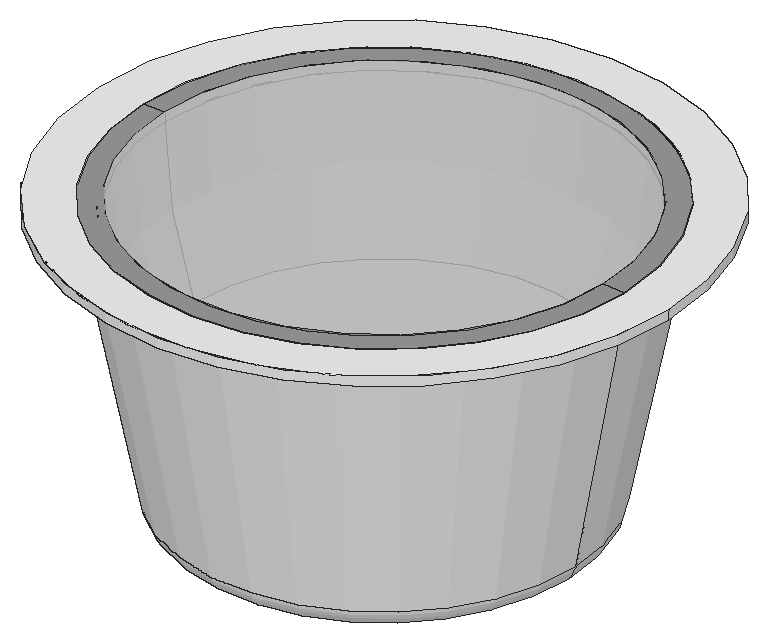
Revit family "2060546 Sylvania Lighting Fixture ASCENT 100 II ARCH 1000 4K STD EMG 160", category Lighting Fixtures, host Face, Revit 2016
Family settings
  Host = Face
  Part Type = Normal
  Round Connector Dimension = Use Diameter
  OmniClass Number = 23.80.70.11.17
  OmniClass Title = Specialized Lighting by Location or Use
  Cut with Voids When Loaded = No
  Light Source = Yes
  Shared = No
  Room Calculation Point = No
Parameters (values of type "2060546 ASCT100 II ARCH 1000 4K STD EM 160 Emergency mode")
  WidthBezelAcc_SYL = 25.0 mm
  Weight = "1.92 kg"
  Wattage = 1.69643 W
  WarrantyStartDate [instance] = "n/a"
  WarrantyGuarantorParts = "n/a"
  WarrantyDurationUnit = "n/a"
  WarrantyDurationParts = "n/a"
  WarrantyDescription = "n/a"
  built-in parameter 1150110 = 1 (stored number, unit not read)
  Voltage = 0 V
  VisibilityAccessory_SYL = no
  TypeName = "ASCT100 II ARCH 1000 4K STD EM 160 Emergency mode"
  built-in parameter 1114217 = 1 (stored number, unit not read)
  Tilt Angle = -90°
  built-in parameter 1150109 = 1 (stored number, unit not read)
  built-in parameter 1150134 = 12
  built-in parameter 1150113 = 1 (stored number, unit not read)
  SerialNumber [instance] = "n/a"
  ReflectorRadius_SYL = Radius_SYL - 14.5 mm  # 80.0 mm
  RadiusAcc_SYL = 105.0 mm
  Radius_SYL = 94.5 mm
  URL = "http://www.sylvania-lighting.com"
  PowerFactor = 0
  PowerConsumption = "9 W"
  Photometric Web File = "2060546EM.ies"
  NominalWidth = 0.0 mm
  NominalLength = 0.0 mm
  NominalHeight = 94.0 mm
  Name = "ASCT100 II ARCH 1000 4K STD EM 160 Emergency mode"
  ModelReference = "ASCT100 II ARCH 1000 4K STD EM 160 Emergency mode"
  ModelNumber = "2060546"
  Material_4_SYL = none
  Material_3_SYL = Polycarbonate_Sylvania_Ascent_Opal
  Material_2_SYL = Aluminium_Sylvania_Ascent_Silver
  Material_1_SYL = Aluminum_Sylvania_Ascent_White
  Material = "aluminium housing, arcylic diffuser"
  ManufacturerName = "Feilo Sylvania"
  LuminousEfficacy = "112 lm/W"
  built-in parameter 1150105 = 15.12 (stored number, unit not read)
  Lumens = 190 lm
  LuminaireType = ""
  built-in parameter 1150115 = 1 (stored number, unit not read)
  LightOutputRatio = "100"
  built-in parameter 1150137 = (empty or 0)
  built-in parameter 1150139 = (empty or 0)
  LampsType = Lamp  # "LED"
  LampNominalLuminous = "1009 lm"
  LampMacAdamStep = "3"
  LampColourTemperature = "4000 K"
  LampColourRenderingIndex = "80"
  built-in parameter 1150112 = 1 (stored number, unit not read)
  built-in parameter 1150114 = 1 (stored number, unit not read)
  Keynote = "16500"
  InstallationDate [instance] = "n/a"
  InputVoltage = "n/a"
  InputNominalFrequency = "n/a"
  built-in parameter 1150132 = (empty or 0)
  built-in parameter 1150102 = (empty or 0)
  built-in parameter 1150107 = 4000 (stored number, unit not read)
  built-in parameter 1150138 = (empty or 0)
  IngressProtection = "IP40"
  ImpactProtectionIndex = "IK02"
  built-in parameter 1150106 = 0.1512 (stored number, unit not read)
  IfcExportType = "IfcLightFixtureType"
  IfcExportAs = "IfcLightFixtureType"
  Height_SYL = 94.0 mm
  HeightAcc_SYL = 7.0 mm
  ExpectedLife = 50000
  EmittionSurface_SYL = if(VisibilityAccessory_SYL, 7.0 mm, 3.0 mm)  # 3.0 mm
  Emit from Circle Diameter = DiffuserRadius_SYL * 2  # 146.0 mm
  Emit Shape Visible in Rendering = no
  ElectricShockClassification = "Class II"
  built-in parameter 1150104 = 10.405 (stored number, unit not read)
  DurationUnit = "hours"
  DocumentationLiterature = "http://www.sylvania-lighting.com/product/en-int/products/2060546"
  DimmingControlOptions = "n/a"
  Dimming Lamp Color Temperature Shift = <None>
  DiffuserRadius_SYL = ReflectorRadius_SYL - 7.0 mm  # 73.0 mm
  Diameter_SYL = 2 * Radius_SYL  # 189.0 mm
  CutoutDiameter_SYL = Diameter_SYL - 13.0 mm  # 176.0 mm
  CreatedOn = "9/17/2018"
  CreatedBy = "@sylvania-lighting.com"
  Color Filter = 16777215
  built-in parameter 1114216 [instance] = 1 (stored number, unit not read)
  Model = "ASCT100 II ARCH 1000 4K STD EM 160 Emergency mode"
  Manufacturer = "Feilo Sylvania"
  Lamp = "LED"
  Description = "Direct LED retro fit for original LED 100 Arch (160) single CFL lamp offering Matching lumen levels and improved light distribution of original LED 100 CFL lamp equivalents Typically half the power consumption compared to CFL Up to 112lm/W 160mm aperture Architectural reflector accepts range of glass accessories from existing LED 100 Arch 160 offering HE, HO and VHO versions equivalent of single 1 x 18W, 1 x 32W, 1 x 42W\r\n Additional VVHO versions which offer the performance circa 2 x 32W equivalent"  # constant formula
  Default Elevation = 0.0 mm
  built-in parameter 1140040 [instance] = 1
  BarCode [instance] = "n/a"
  built-in parameter 1114218 = 1 (stored number, unit not read)
  built-in parameter 1150133 = 10 (stored number, unit not read)
  AssetType = "Fixed"
  AssetIdentifier [instance] = "n/a"
  Assembly Code = "D5020200"
  Apparent Load = 1.69643 VA
  Aperture_SYL = 2 * ReflectorRadius_SYL  # 160.0 mm
Types (2, lengths in mm): name | Wattage | TypeName | Photometric Web File | Name | ModelReference | built-in parameter 1150105 | Lumens | built-in parameter 1150106 | Model | Apparent Load
  2060546 ASCT100 II ARCH 1000 4K STD EM 160 Emergency mode | 1.69643 W | "ASCT100 II ARCH 1000 4K STD EM 160 Emergency mode" | "2060546EM.ies" | "ASCT100 II ARCH 1000 4K STD EM 160 Emergency mode" | "ASCT100 II ARCH 1000 4K STD EM 160 Emergency mode" | 15.12 (stored number, unit not read) | 190 lm | 0.1512 (stored number, unit not read) | "ASCT100 II ARCH 1000 4K STD EM 160 Emergency mode" | 1.69643 VA
  2060546 ASCT100 II ARCH 1000 4K STD EM 160 | 9 W | "ASCENT 100 II ARCH 1000 4K STD EMG 160" | "2060546.ies" | "ASCENT 100 II ARCH 1000 4K STD EMG 160" | "ASCENT 100 II ARCH 1000 4K STD EMG 160" | 80.214 (stored number, unit not read) | 1008 lm | 0.80214 (stored number, unit not read) | "ASCENT 100 II ARCH 1000 4K STD EMG 160" | 9 VA
Reference planes
  plane 1 "Center (Front/Back)": y = 0
  plane 2: z = 0
  plane 3 "Center (Left/Right)": x = 0
  plane 4 "Fixture Bottom": z = 3
  plane 5: z = -52.5
  plane 6 "Fixture Top": z = -91
  plane 7: x = -105
  plane 8: z = 7
  plane 9: x = -80
  plane 10: z = 5
  plane 11: x = -103
Forms (mm)
  Extrusion 1, solid, material "Aluminum_Sylvania_Ascent_White", detail levels fine
    sketch origin (0, 0, 0) x (1, 0, 0) y (0, 1, 0)
      loop
        circle (0, 0) r 94.5
      loop
        circle (0, 0) r 80
    from 0 to 3
  Extrusion 2, void
    sketch origin (0, 0, 0) x (1, 0, 0) y (0, 1, 0)
      loop
        circle (0, 0) r 88
    from -91 to 3
  Revolve 3, solid, material "Aluminum_Sylvania_Ascent_White" <- "Material_1_SYL", detail levels fine
    sketch origin (0, 0, 0) x (1, 0, 0) y (0, 0, 1)
      loop
        line (0, -91.073) -> (0, -89.023) -> (-55.468, -89.014)
        arc (-55.468, -89.014) -> (-59.352, -87.613) -> (-61.54, -84.139) r 6.307
        line (-61.54, -84.139) -> (-77.991, -2.844) -> (-77.991, 0) -> (-80, 0) -> (-80, -3) -> (-63.5, -84.536)
        arc (-63.5, -84.536) -> (-60.643, -89.203) -> (-55.5, -91.073) r 8.291
        line (-55.5, -91.073) -> (0, -91.073)
      axis (0, 0) -> (0, -91.073)
    angle from 0 to 360
  Revolve 4, solid, material "Aluminium_Sylvania_Ascent_Silver" <- "Material_2_SYL", detail levels fine
    sketch origin (0, 0, 0) x (1, 0, 0) y (0, 0, 1)
      loop
        line (-80, 3) -> (-80, 0) -> (-75, 0)
        arc (-75, 0) -> (-72.349, -26.77) -> (-64.5, -52.5) r 136.5
        line (-64.5, -52.5) -> (-58, -52.5)
        arc (-58, -52.5) -> (-56.857, -61.521) -> (-53.5, -69.971) r 36.166
        line (-53.5, -69.971) -> (0, -69.971) -> (0, -50.5) -> (-63.16, -50.5)
        arc (-63.16, -50.5) -> (-70.517, -25.725) -> (-73, 0) r 134.5
        line (-73, 0) -> (-73, 3) -> (-80, 3)
      axis (0, 3) -> (0, -69.971)
    angle from 0 to 360
  Extrusion 5, solid, material "Polycarbonate_Sylvania_Ascent_Opal" <- "Material_3_SYL", detail levels fine
    sketch origin (0, 0, 0) x (1, 0, 0) y (0, 1, 0)
      loop
        circle (0, 0) r 73
    from 0 to 3
  Revolve 6, solid, material "Aluminum_Sylvania_Ascent_White" <- "Material_1_SYL", detail levels coarse+medium
    sketch origin (0, 0, 0) x (1, 0, 0) y (0, 0, 1)
      loop
        line (0, -91.073) -> (0, 3) -> (-94.5, 3) -> (-94.5, 0) -> (-79.5, 0) -> (-79.5, -3) -> (-63, -84.536)
        arc (-63, -84.536) -> (-60.143, -89.203) -> (-55, -91.073) r 8.291
        line (-55, -91.073) -> (0, -91.073)
      axis (0, 3) -> (0, -91.073)
    angle from 0 to 360
  Revolve 7, solid, material "Aluminum_Sylvania_Ascent_White" <- "Material_1_SYL", visible <- "VisibilityAccessory_SYL"
    sketch origin (0, 0, 0) x (1, 0, 0) y (0, 0, 1)
      loop
        line (-105, 0) -> (-103, 0) -> (-103, 5) -> (-80, 5) -> (-80, 7) -> (-105, 7) -> (-105, 0)
      axis (0, 7) -> (0, 0)
    angle from 0 to 360
  Revolve 8, solid, material "Polycarbonate_Sylvania_Ascent_Opal" <- "Material_3_SYL", visible <- "VisibilityAccessory_SYL"
    sketch origin (0, 0, 0) x (1, 0, 0) y (0, 0, 1)
      loop
        line (-80, 7) -> (-80, 5) -> (0, 5) -> (0, 7) -> (-80, 7)
      axis (0, 7) -> (0, 5)
    angle from 0 to 360
Lines and regions (mm)
  reference lines
    curve 1: line (-150, 0, 3) -> (125, 0, 3)
Dimensions and locks
  locked: plane 4 "Fixture Bottom" to plane 2 at 3
  "Height_SYL": plane 4 "Fixture Bottom" to plane 6 "Fixture Top"
  "ReflectorRadius_SYL": plane 3 "Center (Left/Right)" to Revolve 4 sketch curve
  locked: Revolve 4 sketch curve to Revolve 4 sketch curve at 15.5
  locked: Revolve 4 sketch curve to Revolve 4 sketch curve at 5
  locked: Revolve 4 sketch curve to Revolve 4 sketch curve at 7
  locked: Revolve 4 sketch curve to Revolve 4 sketch curve at 22
  locked: Revolve 4 sketch curve to Revolve 4 sketch curve at 26.5
  locked: Revolve 3 sketch curve to Revolve 3 sketch curve at 16.5
  locked: Revolve 3 sketch curve to Revolve 3 sketch curve at 24.5
  "ReflectorRadius_SYL": Revolve 3 sketch curve to plane 3 "Center (Left/Right)"
  locked: Revolve 3 sketch curve to plane 6 "Fixture Top" at 6.464
  locked: plane 2 to Revolve 3 sketch curve at 3
  locked: Revolve 3 sketch curve to Revolve 3 sketch curve at 2
  locked: Revolve 3 sketch curve to Revolve 3 sketch curve at 2.009
  locked: plane 2 to plane 5 at 52.5
  locked: Revolve 6 sketch curve to Revolve 6 sketch curve at 31.5
  locked: Revolve 6 sketch curve to Revolve 6 sketch curve at 39.5
  locked: Revolve 6 sketch curve to Revolve 6 sketch curve at 15
  "Radius_SYL": plane 3 "Center (Left/Right)" to Revolve 6 sketch curve
  "RadiusAcc_SYL": plane 3 "Center (Left/Right)" to plane 7
  "HeightAcc_SYL": plane 8 to level
  "WidthBezelAcc_SYL": plane 7 to plane 9
  locked: plane 7 to plane 11 at 2
  locked: plane 8 to plane 10 at 2
  "EmittionSurface_SYL": curve 1 to level
  "CutoutDiameter_SYL": diameter of Extrusion 2 sketch curve
  "ReflectorRadius_SYL": radius of Extrusion 1 sketch curve
  "DiffuserRadius_SYL": radius of Extrusion 5 sketch curve
  "Radius_SYL": radius of Extrusion 1 sketch curve
  aligned and locked: host face to plane 2
  aligned and locked: host face to level
  aligned and locked: plane 4 "Fixture Bottom" to Extrusion 1
  aligned and locked: Extrusion 1 to plane 2
  aligned and locked: Revolve 3 sketch curve to plane 3 "Center (Left/Right)"
  aligned and locked: Revolve 4 sketch curve to plane 3 "Center (Left/Right)"  (x2)
  aligned and locked: plane 4 "Fixture Bottom" to Revolve 4 sketch curve
  aligned and locked: Extrusion 5 to plane 2
  aligned and locked: plane 2 to Revolve 3 sketch curve  (x2)
  aligned and locked: Revolve 6 sketch curve to plane 3 "Center (Left/Right)"
  aligned and locked: plane 6 "Fixture Top" to Extrusion 2
  aligned and locked: Revolve 7 sketch curve to plane 3 "Center (Left/Right)"
  aligned and locked: host face to Revolve 7 sketch curve  (x2)
  aligned and locked: Revolve 7 sketch curve to plane 7
  aligned and locked: plane 8 to Revolve 7 sketch curve
  aligned and locked: plane 9 to Revolve 7 sketch curve
  aligned and locked: Revolve 7 sketch curve to plane 10
  aligned and locked: plane 11 to Revolve 7 sketch curve
  aligned and locked: Revolve 7 to Revolve 8 sketch curve
  aligned and locked: Revolve 8 sketch curve to Revolve 7  (x2)
  aligned and locked: Revolve 8 sketch curve to plane 3 "Center (Left/Right)"  (x2)
  aligned and locked: plane 3 "Center (Left/Right)" to imposter light
  aligned and locked: imposter light to plane 1 "Center (Front/Back)"
  aligned and locked: imposter light to curve 1
Automatic sketch dimensions
  plane 1 "Center (Front/Back)" to Extrusion 2 sketch curve = 0.0 mm
  Extrusion 2 sketch curve to plane 3 "Center (Left/Right)" = 0.0 mm
  Extrusion 1 sketch curve to Extrusion 1 sketch curve = 0.0 mm  (x2)
  plane 1 "Center (Front/Back)" to Extrusion 1 sketch curve = 0.0 mm
  Extrusion 1 sketch curve to plane 3 "Center (Left/Right)" = 0.0 mm
  plane 6 "Fixture Top" to Revolve 3 sketch curve = 0.073 mm
  Revolve 3 sketch curve to plane 6 "Fixture Top" = 6.861 mm
  Revolve 3 sketch curve to Revolve 3 sketch curve = 0.003 mm
  Revolve 3 sketch curve to Revolve 3 sketch curve = 0.009 mm  (x2)
  Revolve 3 sketch curve to Revolve 3 sketch curve = 0.023 mm
  Revolve 3 sketch curve to Revolve 3 sketch curve = 0.072 mm
  Revolve 3 sketch curve to Revolve 3 sketch curve = 0.008 mm
  Revolve 3 sketch curve to plane 6 "Fixture Top" = 1.977 mm
  Revolve 3 sketch curve to Revolve 3 sketch curve = 33.496 mm
  Revolve 3 sketch curve to Revolve 3 sketch curve = 0.028 mm
  plane 4 "Fixture Bottom" to Revolve 3 sketch curve = 82.431 mm
  Revolve 4 sketch curve to Revolve 4 sketch curve = 0.0 mm  (x2)
  Revolve 4 sketch curve to plane 5 = 0.0 mm
  Revolve 4 sketch curve to level = 0.0 mm
  plane 5 to Revolve 4 sketch curve = 2.0 mm
  plane 4 "Fixture Bottom" to Revolve 4 sketch curve = 9.642 mm
  plane 1 "Center (Front/Back)" to Extrusion 5 sketch curve = 0.0 mm
  Extrusion 5 sketch curve to plane 3 "Center (Left/Right)" = 0.0 mm
  Revolve 4 sketch curve to level = 69.971 mm
  Revolve 4 sketch curve to Revolve 4 sketch curve = 2.387 mm
  Revolve 6 sketch curve to level = 0.0 mm
  Revolve 6 sketch curve to plane 3 "Center (Left/Right)" = 0.0 mm
  Revolve 6 sketch curve to Revolve 6 sketch curve = 8.104 mm
  Revolve 6 sketch curve to level = 3.0 mm
  Revolve 6 sketch curve to plane 6 "Fixture Top" = 6.464 mm
  plane 6 "Fixture Top" to Revolve 6 sketch curve = 0.073 mm
  Revolve 6 sketch curve to Revolve 6 sketch curve = 33.496 mm
  plane 4 "Fixture Bottom" to Revolve 6 sketch curve = 82.431 mm
  host sketch curve to host sketch curve = 1704.996 mm
  host sketch curve to host sketch curve = 1500.0 mm
  plane 6 "Fixture Top" to Revolve 7 sketch curve = 281.274 mm
  Revolve 7 sketch curve to plane 8 = 1140.706 mm
  plane 6 "Fixture Top" to Revolve 8 sketch curve = 281.274 mm
  Revolve 8 sketch curve to Revolve 8 sketch curve = 1140.706 mm
  Revolve 3 sketch curve to plane 3 "Center (Left/Right)" = 0.0 mm
  Revolve 6 sketch curve to plane 4 "Fixture Bottom" = 0.0 mm
  plane 7 to curve 1 = 45.0 mm
  plane 3 "Center (Left/Right)" to curve 1 = 125.0 mm
Connectors
  electrical at (0, 0, -91.073), driven by "Apparent Load"
    settings: on Revolve 3, index 1, voltage 240 V, apparent load 0 VA, apparent load phase1 1.69643 VA, apparent load phase2 0 VA, apparent load phase3 0 VA, power factor 1, load classification "Lighting", number of poles 1, system type 31, power factor state 1, is connector primary yes, connector utility no, sub classification motor no, connector description ""
